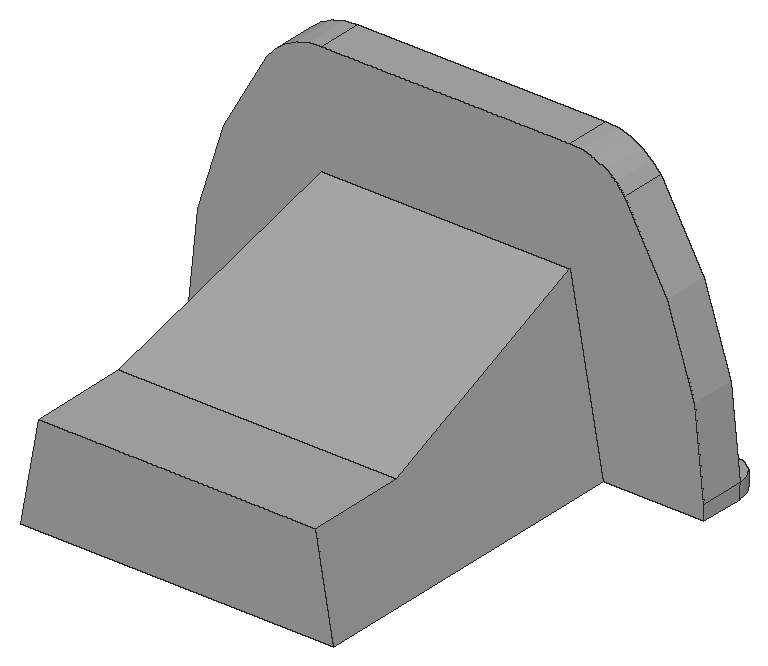
Revit family "AquaFount_4_Station-Willoughby-WAF-4400", category Plumbing Fixtures, Revit 2015
Parameters (values of type "Standard")
  Waste DIA = 1 1/2"
  Waste Connection = yes
  Vent Connection = no
  URL = "www.willoughby-ind.comhttps://www.willoughby-ind.com/wp-content/uploads/2018/01/WAF-4400.pdf"
  Solid Surface Sink = Solid Surface Acrylic Resin-Willoughby
  Revision = "A"
  Model = "WAF-4400"
  Manufacturer = "Willoughby Industries"
  Lav Waste RAD = Waste DIA / 2  # 3/4"
  HW inlet RAD = CW Inlet DIA / 2  # 1/4"
  HW Inlet DIA = 1/2"
  HW Connection = yes
  Fixture Body = Stainless Steel AISI 304-Willoughby
  Description = "4 station washfountain, Floor Mounted"
  Default Elevation = 0' - 0"
  Contact Info = "(800) 428-4065"
  CW inlet RAD = HW Inlet DIA / 2  # 1/4"
  CW Inlet DIA = 1/2"
  CW Connection = yes
Reference planes (in)
  plane 1 "Center (Front/Back)": y = 0
  plane 2: z = 0
  plane 3 "Center (Left/Right)": x = 0
  plane 4: y = 34
  plane 5: y = 20.5
  plane 6: x = -1
  plane 7: x = -5
  plane 8: y = 23.5
  plane 9: z = 3
Forms (in)
  Extrusion 1, solid, material "Solid Surface Acrylic Resin-Willoughby" <- "Solid Surface Sink"
    sketch origin (0, 0, 0) x (1, 0, 0) y (0, 0, 1)
      loop
        line (23, 0) -> (23, 1.3125)
        arc (23, 1.3125) -> (21.19686, 12.93507) -> (15.95696, 23.46497) r 38.35959
        arc (15.95696, 23.46497) -> (13.81633, 25.32869) -> (11.05859, 26) r 6
        line (11.05859, 26) -> (-11.05859, 26)
        arc (-11.05859, 26) -> (-13.81633, 25.32869) -> (-15.95696, 23.46497) r 6
        arc (-15.95696, 23.46497) -> (-21.19686, 12.93507) -> (-23, 1.3125) r 38.35959
        line (-23, 1.3125) -> (-23, 0) -> (23, 0)
    from -34 to -30
  Extrusion 2, solid, material "Solid Surface Acrylic Resin-Willoughby" <- "Solid Surface Sink", detail levels medium+fine
    sketch origin (0, 0, 0) x (1, 0, 0) y (0, 1, 0)
      loop
        line (11.25, 37.5) -> (-11.24835, 37.5) -> (-20.60378, 36.68151)
        arc (-20.60378, 36.68151) -> (-22.31035, 35.83992) -> (-23, 34.06649) r 2.625
        line (-23, 34.06649) -> (-23, 34) -> (23, 34) -> (23, 34.06664)
        arc (23, 34.06664) -> (22.31035, 35.84006) -> (20.60378, 36.68165) r 2.625
        line (20.60378, 36.68165) -> (11.25, 37.5)
    from 0 to 1.3125
  Extrusion 3, void, detail levels fine
    sketch origin (0, 0, 0) x (1, 0, 0) y (0, 0, 1)
      loop
        arc (-9.80741, 8.48537) -> (-9.46062, 9.06188) -> (-8.82704, 9.2882) r 1
        line (-8.82704, 9.2882) -> (8.82704, 9.2882)
        arc (8.82704, 9.2882) -> (9.46062, 9.06188) -> (9.80741, 8.48537) r 1
        line (9.80741, 8.48537) -> (11.14944, 1.8125) -> (21, 1.8125)
        arc (21, 1.8125) -> (19.21774, 12.56708) -> (14.32761, 22.30998) r 36.35959
        arc (14.32761, 22.30998) -> (12.90052, 23.55246) -> (11.06203, 24) r 4
        line (11.06203, 24) -> (-11.06203, 24)
        arc (-11.06203, 24) -> (-12.90052, 23.55246) -> (-14.32761, 22.30998) r 4
        arc (-14.32761, 22.30998) -> (-19.29431, 12.32909) -> (-21.00344, 1.3125) r 36.35959
        line (-21.00344, 1.3125) -> (-11.25, 1.3125) -> (-9.80741, 8.48537)
    from -34 to -31.04074
  Extrusion 4, solid, material "Stainless Steel AISI 304-Willoughby" <- "Fixture Body"
    sketch origin (0, 0, 0) x (1, 0, 0) y (0, 0, 1)
      loop
        arc (9.16146, 11.69717) -> (8.81467, 12.27368) -> (8.18109, 12.5) r 1
        line (8.18109, 12.5) -> (-8.18109, 12.5)
        arc (-8.18109, 12.5) -> (-8.81467, 12.27368) -> (-9.16146, 11.69717) r 1
        line (-9.16146, 11.69717) -> (-11.25, 1.3125) -> (-11.25, 0) -> (11.25, 0) -> (11.25, 1.3125) -> (9.16146, 11.69717)
    from -38.6875 to -34
  Extrusion 5, solid, material "Solid Surface Acrylic Resin-Willoughby" <- "Solid Surface Sink", detail levels medium+fine
    sketch origin (0, 0, 0) x (1, 0, 0) y (0, 0, 1)
      loop
        line (-11.8125, 0) -> (11.8125, 0) -> (11.8125, 1.36228) -> (9.63342, 12.19717)
        arc (9.63342, 12.19717) -> (9.28662, 12.77368) -> (8.65305, 13) r 1
        line (8.65305, 13) -> (-8.65305, 13)
        arc (-8.65305, 13) -> (-9.28662, 12.77368) -> (-9.63342, 12.19717) r 1
        line (-9.63342, 12.19717) -> (-11.8125, 1.36228) -> (-11.8125, 0)
    from -39.5 to -38.6875
  Extrusion 6, solid, material "Solid Surface Acrylic Resin-Willoughby" <- "Solid Surface Sink"
    sketch origin (0, 0, 0) x (0, 1, 0) y (0, 0, 1)
      loop
        line (0, 0) -> (30, 0) -> (30, 16) -> (9, 8.875) -> (0, 8.875) -> (0, 0)
    from -14 to 14
  Extrusion 7, void, detail levels fine
    sketch origin (-5, 0, 0) x (1, 0, 0) y (0, 0, 1)
      loop
        line (-6.0625, 16) -> (-10.92772, 16) -> (-10.92772, 0) -> (-9, 0) -> (-6.0625, 16)
    from -30 to 0
  Extrusion 8, void, detail levels fine
    sketch origin (5, 0, 0) x (-1, 0, 0) y (0, 0, -1)
      loop
        line (-6.0625, -16) -> (-9, 0) -> (-10.92772, 0) -> (-10.92772, -16) -> (-6.0625, -16)
    from -30 to 0
  Extrusion 9, solid, material "Stainless Steel AISI 304-Willoughby" <- "Fixture Body", detail levels fine
    sketch origin (4.5, 0, 0) x (1, 0, 0) y (0, 1, 0)
      loop
        circle (0, 36.04123) r 0.75
    from 12.5 to 13.5
  Extrusion 10, solid, material "Stainless Steel AISI 304-Willoughby" <- "Fixture Body", detail levels fine
    sketch origin (-2.29933, 0, 5.28548) x (0.197169, 0, -0.980369) y (0, 1, 0)
      loop
        circle (0, 36.04123) r 0.75
    from 12.5 to 13.5
  Extrusion 11, solid, material "Stainless Steel AISI 304-Willoughby" <- "Fixture Body", detail levels fine
    sketch origin (2.29933, 0, 5.28548) x (-0.197169, 0, -0.980369) y (0, -1, 0)
      loop
        circle (0, -36.04123) r 0.75
    from 12.5 to 13.5
  Extrusion 12, solid, material "Stainless Steel AISI 304-Willoughby" <- "Fixture Body", detail levels fine
    sketch origin (0, 0, 0) x (1, 0, 0) y (0, 1, 0)
      loop
        circle (-1, 20.5) r 0.25
    from 3 to 4.28228
  Extrusion 13, solid, material "Stainless Steel AISI 304-Willoughby" <- "Fixture Body", detail levels fine
    sketch origin (-4, 0, 0) x (1, 0, 0) y (0, 1, 0)
      loop
        circle (-1, 20.5) r 0.25
    from 3 to 4.28228
  Extrusion 14, solid, material "Stainless Steel AISI 304-Willoughby" <- "Fixture Body", detail levels fine
    sketch origin (0, 0, 0) x (1, 0, 0) y (0, 1, 0)
      loop
        circle (0, 23.5) r 0.75
    from 3 to 4.28228
  Extrusion 15, solid, material "Stainless Steel AISI 304-Willoughby" <- "Fixture Body", detail levels fine
    sketch origin (-4.5, 0, 0) x (-1, 0, 0) y (0, -1, 0)
      loop
        circle (0, -36.04123) r 0.75
    from 12.5 to 13.5
Cuts and joins
  Extrusion 8 cuts Extrusion 5
  Extrusion 7, Extrusion 8 cuts Extrusion 6
  Extrusion 8 cuts Extrusion 2
  Extrusion 8 cuts Extrusion 4
  Extrusion 3, Extrusion 8 cuts Extrusion 1
Lines and regions (in)
  symbolic lines
    curve 1: line (-23, 0, 0) -> (23, 0, 0)
    curve 2: line (23, 0, 0) -> (23, 0, 1.3125)
    curve 3: line (23, 0, 1.3125) -> (-23, 0, 1.3125)
    curve 4: line (-23, 0, 1.3125) -> (-23, 0, 0)
    curve 5: arc (23, 0, 1.3125) -> (21.19686, 0, 12.93507) -> (15.95696, 0, 23.46497) r 38.35959
    curve 6: arc (15.95696, 0, 23.46497) -> (13.81633, 0, 25.32869) -> (11.05859, 0, 26) r 6
    curve 7: arc (-23, 0, 1.3125) -> (-21.19686, 0, 12.93507) -> (-15.95696, 0, 23.46497) r 38.35959
    curve 8: arc (-15.95696, 0, 23.46497) -> (-13.81633, 0, 25.32869) -> (-11.05859, 0, 26) r 6
    curve 9: line (-11.05859, 0, 26) -> (11.05859, 0, 26)
    curve 22: line (0, 0, 0) -> (0, 39.5, 0)
    curve 23: line (0, 39.5, 0) -> (0, 39.5, 13)
    curve 24: line (0, 39.5, 13) -> (0, 38.6875, 13)
    curve 25: line (0, 38.6875, 13) -> (0, 38.6875, 0)
    curve 26: line (0, 39.5, 1.36228) -> (0, 38.6875, 1.36228)
    curve 27: line (0, 38.6875, 12.5) -> (0, 34, 12.5)
    curve 28: line (0, 34, 12.5) -> (0, 34, 0)
    curve 29: line (0, 38.6875, 1.3125) -> (0, 34, 1.3125)
    curve 30: line (0, 34, 12.5) -> (0, 34, 26)
    curve 31: line (0, 34, 26) -> (0, 30, 26)
    curve 32: line (0, 30, 26) -> (0, 30, 0)
    curve 33: line (0, 30, 16) -> (0, 9, 8.875)
    curve 34: line (0, 9, 8.875) -> (0, 0, 8.875)
    curve 35: line (0, 0, 8.875) -> (0, 0, 0)
    curve 41: line (-14, 0, 0) -> (14, 0, 0)
    curve 42: line (14, 0, 0) -> (14, 30, 0)
    curve 43: line (-14, 0, 0) -> (-14, 30, 0)
    curve 44: line (-11.05859, 30, 0) -> (-12.36417, 9.04062, 0)
    curve 45: line (-12.36417, 9.04062, 0) -> (-12.36417, 0, 0)
    curve 46: line (12.37061, 0, 0) -> (12.37061, 9.04062, 0)
    curve 47: line (-12.36417, 9.04062, 0) -> (12.37061, 9.04062, 0)
    curve 48: line (11.05859, 30, 0) -> (12.36417, 9.04062, 0)
    curve 49: line (-23, 30, 0) -> (23, 30, 0)
    curve 50: line (23, 34, 0) -> (23, 30, 0)
    curve 51: line (-23, 30, 0) -> (-23, 34, 0)
    curve 52: line (-23, 34, 0) -> (23, 34, 0)
    curve 53: line (21, 34, 0) -> (21, 31.04074, 0)
    curve 54: line (21, 31.04074, 0) -> (-21.00344, 31.04074, 0)
    curve 55: line (-21.00344, 31.04074, 0) -> (-21.00344, 34, 0)
    curve 56: line (-11.25, 31.04074, 0) -> (-11.25, 38.6875, 0)
    curve 57: line (11.14944, 31.04074, 0) -> (11.14944, 38.79074, 0)
    curve 58: line (-11.25, 37.5, 0) -> (11.14944, 37.5, 0)
    curve 59: line (-11.8125, 38.6875, 0) -> (11.8125, 38.6875, 0)
    curve 60: line (11.8125, 38.6875, 0) -> (11.8125, 39.5, 0)
    curve 61: line (11.8125, 39.5, 0) -> (-11.8125, 39.5, 0)
    curve 62: line (-11.8125, 39.5, 0) -> (-11.8125, 38.6875, 0)
    curve 63: line (11.14944, 37.5, 0) -> (20.61329, 36.67202, 0)
    curve 64: arc (20.61329, 36.67202, 0) -> (22.33599, 35.80883, 0) -> (23, 34, 0) r 2.61551
    curve 65: line (-11.25, 37.5, 0) -> (-20.60382, 36.6815, 0)
    curve 66: arc (-20.60382, 36.6815, 0) -> (-22.33296, 35.81529, 0) -> (-23, 34, 0) r 2.6259
  symbolic lines, detail levels medium+fine
    curve 10: arc (21.00344, 0, 1.3125) -> (19.29431, 0, 12.32909) -> (14.32761, 0, 22.30998) r 36.35959
    curve 11: arc (14.32761, 0, 22.30998) -> (12.90052, 0, 23.55246) -> (11.06203, 0, 24) r 4
    curve 12: arc (-11.06203, 0, 24) -> (-12.90052, 0, 23.55246) -> (-14.32761, 0, 22.30998) r 4
    curve 13: arc (-14.32761, 0, 22.30998) -> (-19.29431, 0, 12.32909) -> (-21.00344, 0, 1.3125) r 36.35959
    curve 14: line (11.06203, 0, 24) -> (-11.06203, 0, 24)
  symbolic lines, detail levels fine
    curve 15: line (11.8125, 0, 0) -> (11.8125, 0, 1.3125)
    curve 16: arc (-8.65305, 0, 13) -> (-9.28662, 0, 12.77368) -> (-9.63342, 0, 12.19717) r 1
    curve 17: line (-9.63342, 0, 12.19717) -> (-11.82251, 0, 1.3125)
    curve 18: line (-11.82251, 0, 1.3125) -> (-11.82251, 0, 0)
    curve 19: line (11.8125, 0, 1.3125) -> (9.59435, 0, 12.34166)
    curve 20: arc (9.59435, 0, 12.34166) -> (9.25555, 0, 12.85936) -> (8.65305, 0, 13) r 0.83193
    curve 21: line (8.65305, 0, 13) -> (-8.65305, 0, 13)
    curve 36: line (0, 36.6875, 12.5) -> (0, 36.6875, 13.5)
    curve 37: line (0, 36.6875, 13.5) -> (0, 35.29123, 13.5)
    curve 38: line (0, 35.29123, 13.5) -> (0, 35.29123, 12.5)
    curve 39: arc (0, 36.78259, 7.8467) -> (0, 36.03259, 8.5967) -> (0, 35.28259, 7.8467) r 0.75
    curve 40: arc (0, 35.28259, 7.8467) -> (0, 36.03259, 7.0967) -> (0, 36.78259, 7.8467) r 0.75
Dimensions and locks (in)
  locked: Extrusion 1 to Extrusion 1 at 4
  aligned and locked: plane 4 to Extrusion 1
  aligned and locked: plane 9 to Extrusion 12
  aligned and locked: cut or joined group of Extrusion 2, Extrusion 8 to level
  aligned and locked: cut or joined group of Extrusion 1, Extrusion 3, Extrusion 8 to cut or joined group of Extrusion 2, Extrusion 8
  aligned and locked: cut or joined group of Extrusion 2, Extrusion 8 to cut or joined group of Extrusion 1, Extrusion 3, Extrusion 8  (x2)
  aligned and locked: cut or joined group of Extrusion 5, Extrusion 8 to cut or joined group of Extrusion 5, Extrusion 8
Connectors (in)
  piping at (-1, 20.5, 3), diameter 0.5, driven by "CW inlet RAD", driven by "CW Connection"
    settings: on Extrusion 12, index 1, connector inside diameter 1/2", connector length 0' - 0", flow factor 0, pipe flow 0 GPM, pressure drop 0.00 psi, fitting loss kfactor 0, connector angle 0.00°, fixture units 0, engagement length 0' - 0", angle of deflection 0.00°, flow configuration 0, flow direction 1, fitting loss method 0, system type 20, joint type 0, gender type 0, connector reference index -1, connector utility 1, adjustable connector no, is connector primary yes, connector description "Washfountain CW Supply"
  piping at (-5, 20.5, 3), diameter 0.5, driven by "HW inlet RAD", driven by "HW Connection"
    settings: on Extrusion 13, index 2, connector inside diameter 1/2", connector length 0' - 0", flow factor 0, pipe flow 0 GPM, pressure drop 0.00 psi, fitting loss kfactor 0, connector angle 0.00°, fixture units 0, engagement length 0' - 0", angle of deflection 0.00°, flow configuration 0, flow direction 1, fitting loss method 0, system type 19, joint type 0, gender type 0, connector reference index -1, connector utility 1, adjustable connector no, is connector primary no, connector description "Washfountain HW Supply"
  piping at (0, 23.5, 3), diameter 1.5, driven by "Waste Connection", driven by "Lav Waste RAD"
    settings: on Extrusion 14, index 3, connector inside diameter 1 1/2", connector length 0' - 0", flow factor 0, pipe flow 0 GPM, pressure drop 0.00 psi, fitting loss kfactor 0, connector angle 0.00°, fixture units 0, engagement length 0' - 0", angle of deflection 0.00°, flow configuration 0, flow direction 2, fitting loss method 0, system type 16, joint type 0, gender type 0, connector reference index -1, connector utility 1, adjustable connector yes, is connector primary no, connector description "Washfountain Drain"
